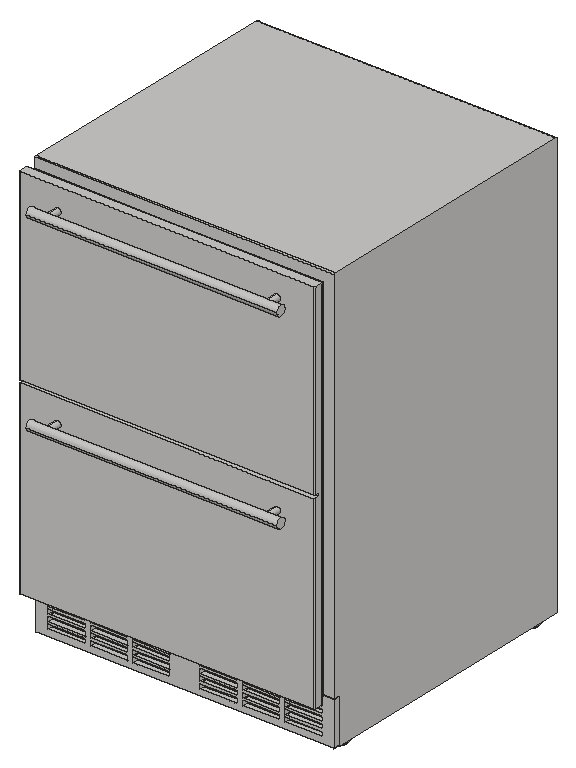
Revit family "Outdoor-Kitchen-Equipment_Kalamazoo_Dual-Zone-Cold-Cabinets_Signature1", category Specialty Equipment, Revit 2018
Family settings
  Round Connector Dimension = Use Diameter
  Part Type = Normal
  OmniClass Number = 23.40.40.11.24
  OmniClass Title = Cold Cabinets
  Work Plane-Based = No
  Always vertical = Yes
  Cut with Voids When Loaded = No
  Shared = No
  Room Calculation Point = No
Parameters (values of type "K-HP24ZO-5")
  Width = 23 7/8"
  Weight (lb) = 215.00 lbf
  Voltage = 120 V
  URL = "https://kalamazoogourmet.com/products/signature-24-inch-outdoor-refrigerator-freezer-dra/"
  Total Cooling Capacity = 995.0 Btu/h
  Right Hinge [instance] = not(Left Hinge)  # no
  RHD [instance] = and(not([IS-5]), Left Hinge)  # no
  Product data url = "https://www.bimobject.com/en-us/kalamazoogourmet/product/signature-dual-zone-refrigerator"
  Product Material = Kalamazoo - Stainless Steel - 304 OR 316L
  Power Factor = 0.8
  Number of Poles = 3
  Model = "K-HP24ZO-5"
  Manufacturer = "Kalamazoo Outdoor Gourmet"  # constant formula
  Left Hinge [instance] = yes
  LHD [instance] = and(not([IS-5]), Right Hinge)  # no
  Keynote = "11400"
  IS-3 = no
  Height = 34 3/8"  # constant formula
  GLASS = if([IS-3], 1/4", 0")  # 0"
  Frequency = 60 Hz  # constant formula
  Description = "Signature 24-inch Outdoor Refrigerator / Freezer Drawers"
  Depth = 23 7/8"  # constant formula
  IS-5 = yes
  DRAWER = if([IS-5], 1/2", 0")  # 1/2"
  Current = 2.3 A
  Assembly Code = "E1090300"
  Apparent Load = (Current * Voltage)  # 276 VA
Reference planes (in)
  plane 1 "Center (Front/Back)": y = 0
  plane 2: z = 0
  plane 3 "Center (Left/Right)": x = 0
  plane 4: x = -11.9375
  plane 5: x = 11.9375
  plane 6: x = -11.4925
  plane 7: x = -11.04687
  plane 8: x = 11.04688
  plane 9: x = 10.90854
  plane 10: z = 34.375
  plane 11: y = -23.875
  plane 12: x = -10.91045
  plane 13: x = 11.4925
  plane 14: x = -7.2425
  plane 15: x = -5.6175
  plane 16: x = 11.7425
  plane 17: x = 10.1175
  plane 18: y = -24.03564
  plane 19: y = -24.03564
  plane 20: x = -8.7505
  plane 21: x = 8.7505
  plane 22: y = -23.53564
Forms (in)
  Extrusion 1, solid, material "Kalamazoo - Stainless Steel - 304 OR 316L" <- "Product Material"
    sketch origin (0, 0, 0) x (0, 1, 0) y (0, 0, 1)
      loop
        arc (-22.075, 34.375) -> (-22.1351, 34.3501) -> (-22.16, 34.29) r 0.085
        line (-22.16, 34.29) -> (-22.16, 4) -> (-21.625, 4) -> (-21.625, 0.375) -> (-0.035, 0.375) -> (-0.035, 7.8575) -> (-0.035, 34.29)
        arc (-0.035, 34.29) -> (-0.0599, 34.3501) -> (-0.12, 34.375) r 0.085
        line (-0.12, 34.375) -> (-22.075, 34.375)
    from -11.9375 to 11.9375
  Extrusion 2, solid, material "Kalamazoo - Stainless Steel - 304 OR 316L" <- "Product Material", visible <- "RHD"
    sketch origin (0, 0, 0) x (0, 1, 0) y (0, 0, 1)
      loop
        arc (-22.16, 34.105) -> (-22.23908, 34.29592) -> (-22.43, 34.375) r 0.27
        line (-22.43, 34.375) -> (-23.92652, 34.375) -> (-23.92652, 34.24) -> (-22.43, 34.24)
        arc (-22.43, 34.24) -> (-22.33454, 34.20046) -> (-22.295, 34.105) r 0.135
        line (-22.295, 34.105) -> (-22.295, 33.579) -> (-22.295, 33.454) -> (-22.295, 33.329) -> (-22.295, 31.322) -> (-22.295, 31.197) -> (-22.16, 31.197) -> (-22.16, 34.105)
      loop
        line (-22.43, 3.4885) -> (-24.069, 3.4885) -> (-24.069, 3.3535) -> (-22.43, 3.3535)
        arc (-22.43, 3.3535) -> (-22.23914, 3.43253) -> (-22.16, 3.62334) r 0.27
        line (-22.16, 3.62334) -> (-22.16, 6.281) -> (-22.295, 6.281) -> (-22.295, 3.6235)
        arc (-22.295, 3.6235) -> (-22.33454, 3.52804) -> (-22.43, 3.4885) r 0.135
    from -11.7425 to -10.1175
  Extrusion 3, solid, material "Kalamazoo - Stainless Steel - 304 OR 316L" <- "Product Material", detail levels fine
    sketch origin (0, 0, 0) x (1, 0, 0) y (0, 1, 0)
      loop
        spline (11.46847, -22.80958) -> (11.4705, -22.80047) -> (11.47109, -22.79116) -> (11.47024, -22.78187) -> (11.46795, -22.77282) -> (11.46429, -22.76424) -> (11.45934, -22.75633) -> (11.45323, -22.74928) -> (11.44609, -22.74326) -> (11.43811, -22.73843) -> (11.42948, -22.73488) -> (11.4204, -22.73273) -> (11.41109, -22.732)
        line (11.41109, -22.732) -> (0, -22.732) -> (-11.46847, -22.732) -> (-11.46847, -23.217) -> (11.46847, -23.217) -> (11.46847, -22.80958)
    from 4.25097 to 33.85271
  Extrusion 4, solid, material "Kalamazoo - Stainless Steel - 304 OR 316L" <- "Product Material"
    sketch origin (0, 0, 0) x (1, 0, 0) y (0, 1, 0)
      loop
        spline (-11.7132, -23.217) -> (-11.72236, -23.21757) -> (-11.73137, -23.21933) -> (-11.74006, -23.22226) -> (-11.7483, -23.2263) -> (-11.75594, -23.23138) -> (-11.76286, -23.23742) -> (-11.76892, -23.24431) -> (-11.77402, -23.25193) -> (-11.77809, -23.26016) -> (-11.78105, -23.26884) -> (-11.78284, -23.27784) -> (-11.78344, -23.287)
        line (-11.78344, -23.287) -> (-11.78344, -23.862)
        spline (-11.78344, -23.862) -> (-11.78284, -23.87116) -> (-11.78105, -23.88016) -> (-11.77809, -23.88884) -> (-11.77402, -23.89707) -> (-11.76892, -23.90469) -> (-11.76286, -23.91158) -> (-11.75594, -23.91762) -> (-11.7483, -23.9227) -> (-11.74006, -23.92674) -> (-11.73137, -23.92967) -> (-11.72236, -23.93143) -> (-11.7132, -23.932)
        line (-11.7132, -23.932) -> (11.71345, -23.932)
        spline (11.71345, -23.932) -> (11.72258, -23.9314) -> (11.73156, -23.92962) -> (11.74023, -23.92667) -> (11.74844, -23.92262) -> (11.75606, -23.91754) -> (11.76294, -23.9115) -> (11.76898, -23.90461) -> (11.77407, -23.897) -> (11.77811, -23.88879) -> (11.78106, -23.88012) -> (11.78284, -23.87114) -> (11.78344, -23.862)
        line (11.78344, -23.862) -> (11.78344, -23.287)
        spline (11.78344, -23.287) -> (11.78285, -23.27788) -> (11.78107, -23.26892) -> (11.77814, -23.26027) -> (11.77411, -23.25207) -> (11.76904, -23.24447) -> (11.76303, -23.23759) -> (11.75617, -23.23155) -> (11.74858, -23.22646) -> (11.7404, -23.2224) -> (11.73176, -23.21944) -> (11.7228, -23.21763) -> (11.71369, -23.217)
        line (11.71369, -23.217) -> (11.46847, -23.217) -> (-11.7132, -23.217)
    from 3.9793 to 34.12516
  Revolve 5, solid, material "Kalamazoo - Stainless Steel - 304 OR 316L" <- "Product Material", visible <- "RHD", detail levels fine
    sketch origin (-11.4925, -23.56, 48) x (0, 1, 0) y (0, 0, 1)
      loop
        line (0.03, -13.87484) -> (0.03, -13.76) -> (-0.095, -13.76) -> (-0.095, -13.87484) -> (0.03, -13.87484)
      loop
        line (0.02, -13.625) -> (-0.01121, -13.59378) -> (-0.095, -13.59378) -> (-0.095, -13.625) -> (0.02, -13.625)
      loop
        line (-0.095, -44.02069) -> (-0.095, -44.5115) -> (0.311, -44.5115) -> (0.311, -44.02069) -> (-0.095, -44.02069)
      loop
        line (-0.095, -44.6465) -> (-0.095, -44.81263)
        arc (-0.095, -44.81263) -> (0.0632, -44.7928) -> (0.2075, -44.725) r 0.50895
        line (0.2075, -44.725) -> (0.2075, -44.6465) -> (-0.095, -44.6465)
      axis (-0.095, -44.81263) -> (-0.095, -13.59378)
    angle from 0 to 360
  Revolve 6, solid, material "Kalamazoo - Stainless Steel - 304 OR 316L" <- "Product Material"
    sketch origin (-11.04687, -17.73095, 48) x (0, 1, 0) y (0, 0, 1)
      loop
        line (-2.11212, -47.625) -> (-2.85905, -47.625) -> (-2.85905, -48) -> (-2.23314, -48) -> (-2.23314, -47.875)
        arc (-2.23314, -47.875) -> (-2.14475, -47.83839) -> (-2.10814, -47.75) r 0.125
        line (-2.10814, -47.75) -> (-2.11212, -47.625)
      axis (-2.85905, -47.625) -> (-2.85905, -48)
    angle from 0 to 360
  Revolve 7, solid, material "Kalamazoo - Stainless Steel - 304 OR 316L" <- "Product Material"
    sketch origin (-11.04687, -17.73095, 48) x (0, 1, 0) y (0, 0, 1)
      loop
        line (16.9343, -47.625) -> (16.18737, -47.625) -> (16.18737, -48) -> (16.81329, -48) -> (16.81329, -47.875)
        arc (16.81329, -47.875) -> (16.90167, -47.83839) -> (16.93829, -47.75) r 0.125
        line (16.93829, -47.75) -> (16.9343, -47.625)
      axis (16.18737, -47.625) -> (16.18737, -48)
    angle from 0 to 360
  Revolve 8, solid, material "Kalamazoo - Stainless Steel - 304 OR 316L" <- "Product Material"
    sketch origin (11.04688, -17.73095, 48) x (0, 1, 0) y (0, 0, 1)
      loop
        line (-2.11212, -47.625) -> (-2.85905, -47.625) -> (-2.85905, -48) -> (-2.23314, -48) -> (-2.23314, -47.875)
        arc (-2.23314, -47.875) -> (-2.14475, -47.83839) -> (-2.10814, -47.75) r 0.125
        line (-2.10814, -47.75) -> (-2.11212, -47.625)
      axis (-2.85905, -47.625) -> (-2.85905, -48)
    angle from 0 to 360
  Revolve 9, solid, material "Kalamazoo - Stainless Steel - 304 OR 316L" <- "Product Material"
    sketch origin (11.04688, -17.73095, 48) x (0, 1, 0) y (0, 0, 1)
      loop
        line (16.9343, -47.625) -> (16.18737, -47.625) -> (16.18737, -48) -> (16.81329, -48) -> (16.81329, -47.875)
        arc (16.81329, -47.875) -> (16.90167, -47.83839) -> (16.93829, -47.75) r 0.125
        line (16.93829, -47.75) -> (16.9343, -47.625)
      axis (16.18737, -47.625) -> (16.18737, -48)
    angle from 0 to 360
  Revolve 10, solid, material "Kalamazoo - Stainless Steel - 304 OR 316L" <- "Product Material", visible <- "RHD", detail levels fine
    sketch origin (10.90854, -24.7445, 48) x (0, 1, 0) y (0, 0, 1)
      loop
        line (0.8125, -16.49334) -> (-0.10258, -16.49334) -> (-0.10258, -16.74389) -> (0.8125, -16.74389) -> (0.8125, -16.49334)
      axis (0.8125, -16.74389) -> (-0.10258, -16.74389)
    angle from 0 to 360
  Revolve 11, solid, material "Kalamazoo - Stainless Steel - 304 OR 316L" <- "Product Material", visible <- "RHD", detail levels fine
    sketch origin (10.90854, -24.7445, 23.591) x (0, 1, 0) y (0, 0, 1)
      loop
        line (0.8125, -16.49334) -> (-0.10258, -16.49334) -> (-0.10258, -16.74389) -> (0.8125, -16.74389) -> (0.8125, -16.49334)
      axis (0.8125, -16.74389) -> (-0.10258, -16.74389)
    angle from 0 to 360
  Extrusion 12, solid, material "Kalamazoo - Stainless Steel - 304 OR 316L" <- "Product Material", visible <- "RHD", detail levels fine
    sketch origin (0, 0, 0) x (1, 0, 0) y (0, 1, 0)
      loop
        circle (10.90854, -25.1195) r 0.375
    from 5.05216 to 33.0522
  Extrusion 13, solid, material "Kalamazoo - Stainless Steel - 304 OR 316L" <- "Product Material"
    sketch origin (0, 0, 0) x (1, 0, 0) y (0, 1, 0)
      loop
        line (11.805, -0.035) -> (11.805, 0) -> (-11.8675, 0) -> (-11.8675, -0.035) -> (11.805, -0.035)
    from 0.435 to 7.98562
  Extrusion 14, solid, material "Kalamazoo - Stainless Steel - 304 OR 316L" <- "Product Material", detail levels fine
    sketch origin (0, 0, 0) x (1, 0, 0) y (0, 0, 1)
      loop
        circle (0, 3.385) r 0.1225
    from 21.625 to 22.222
  Sweep 15, solid, material "Kalamazoo - Stainless Steel - 304 OR 316L" <- "Product Material", detail levels fine
    path origin (0, 0, 0) x (0, 1, 0) y (0, 0, 1)
      loop
        line (-21.735, 2.1875) -> (-22.145, 2.1875)
    profile origin (0, -21.94, 2.1875) x (0, 0, -1) y (1, 0, 0)
      loop
        line (-1.7175, 11.90179) -> (-1.7175, 0.37517) -> (-1.7175, -11.90179) -> (1.73588, -11.90179)
        arc (1.73588, -11.90179) -> (1.7657, -11.88476) -> (1.7775, -11.8525) r 0.05
        line (1.7775, -11.8525) -> (1.7775, 0) -> (1.7775, 11.8525)
        arc (1.7775, 11.8525) -> (1.7657, 11.88476) -> (1.73588, 11.90179) r 0.05
        line (1.73588, 11.90179) -> (-1.7175, 11.90179)
      loop
        line (-1.30263, -8.03166) -> (-1.30263, -10.84308)
        arc (-1.30263, -10.84308) -> (-1.27524, -10.90983) -> (-1.20862, -10.93751) r 0.09401
        line (-1.20862, -10.93751) -> (-0.88239, -10.93751) -> (-0.88239, -7.9376) -> (-1.20846, -7.9376)
        arc (-1.20846, -7.9376) -> (-1.27504, -7.96511) -> (-1.30263, -8.03166) r 0.09406
      loop
        line (-0.76262, -8.03158) -> (-0.76262, -10.84329)
        arc (-0.76262, -10.84329) -> (-0.73516, -10.9099) -> (-0.66861, -10.9375) r 0.09401
        line (-0.66861, -10.9375) -> (-0.3424, -10.9375) -> (-0.3424, -7.93755) -> (-0.66873, -7.93755)
        arc (-0.66873, -7.93755) -> (-0.73513, -7.96514) -> (-0.76262, -8.03158) r 0.09403
      loop
        line (-0.22261, -8.0315) -> (-0.22261, -10.8435)
        arc (-0.22261, -10.8435) -> (-0.19507, -10.90997) -> (-0.12861, -10.9375) r 0.094
        line (-0.12861, -10.9375) -> (0.19761, -10.9375) -> (0.19761, -7.9375) -> (-0.12874, -7.9375)
        arc (-0.12874, -7.9375) -> (-0.19512, -7.96508) -> (-0.22261, -8.0315) r 0.094
      loop
        line (0.31739, -8.0315) -> (0.31739, -10.8435)
        arc (0.31739, -10.8435) -> (0.34493, -10.90997) -> (0.41139, -10.9375) r 0.094
        line (0.41139, -10.9375) -> (0.73761, -10.9375) -> (0.73761, -7.9375) -> (0.41153, -7.9375)
        arc (0.41153, -7.9375) -> (0.34497, -7.96499) -> (0.31739, -8.0315) r 0.094
      loop
        line (0.85738, -8.03162) -> (0.85738, -10.84319)
        arc (0.85738, -10.84319) -> (0.8848, -10.90986) -> (0.95139, -10.93751) r 0.09401
        line (0.95139, -10.93751) -> (1.27761, -10.93751) -> (1.27761, -7.93757) -> (0.95127, -7.93757)
        arc (0.95127, -7.93757) -> (0.88487, -7.96517) -> (0.85738, -8.03162) r 0.09404
      loop
        line (-1.30263, -4.65666) -> (-1.30263, -7.46891)
        arc (-1.30263, -7.46891) -> (-1.27495, -7.53512) -> (-1.20862, -7.56251) r 0.09401
        line (-1.20862, -7.56251) -> (-0.88239, -7.56251) -> (-0.88239, -4.5626) -> (-1.20854, -4.5626)
        arc (-1.20854, -4.5626) -> (-1.27507, -4.59014) -> (-1.30263, -4.65666) r 0.09406
      loop
        line (-0.76262, -4.65658) -> (-0.76262, -7.4687)
        arc (-0.76262, -7.4687) -> (-0.73501, -7.53504) -> (-0.66861, -7.5625) r 0.09401
        line (-0.66861, -7.5625) -> (-0.3424, -7.5625) -> (-0.3424, -4.56255) -> (-0.66865, -4.56255)
        arc (-0.66865, -4.56255) -> (-0.7351, -4.59011) -> (-0.76262, -4.65658) r 0.09403
      loop
        line (-0.22261, -4.6565) -> (-0.22261, -7.4685)
        arc (-0.22261, -7.4685) -> (-0.19507, -7.53497) -> (-0.12861, -7.5625) r 0.094
        line (-0.12861, -7.5625) -> (0.19761, -7.5625) -> (0.19761, -4.5625) -> (-0.12866, -4.5625)
        arc (-0.12866, -4.5625) -> (-0.19509, -4.59005) -> (-0.22261, -4.6565) r 0.094
      loop
        line (0.31739, -4.6565) -> (0.31739, -7.4685)
        arc (0.31739, -7.4685) -> (0.34493, -7.53497) -> (0.41139, -7.5625) r 0.094
        line (0.41139, -7.5625) -> (0.73761, -7.5625) -> (0.73761, -4.5625) -> (0.41144, -4.5625)
        arc (0.41144, -4.5625) -> (0.34494, -4.59001) -> (0.31739, -4.6565) r 0.094
      loop
        line (0.85738, -4.65662) -> (0.85738, -7.4688)
        arc (0.85738, -7.4688) -> (0.88502, -7.53508) -> (0.95139, -7.56251) r 0.09401
        line (0.95139, -7.56251) -> (1.27761, -7.56251) -> (1.27761, -4.56257) -> (0.95136, -4.56257)
        arc (0.95136, -4.56257) -> (0.8849, -4.59014) -> (0.85738, -4.65662) r 0.09404
      loop
        line (-1.30262, -1.28166) -> (-1.30262, -4.09391)
        arc (-1.30262, -4.09391) -> (-1.27493, -4.16012) -> (-1.20859, -4.18752) r 0.09403
        line (-1.20859, -4.18752) -> (-0.88239, -4.18752) -> (-0.88239, -1.18761) -> (-1.20859, -1.18761)
        arc (-1.20859, -1.18761) -> (-1.27508, -1.21516) -> (-1.30262, -1.28166) r 0.09405
      loop
        line (-0.76261, -1.28158) -> (-0.76261, -4.0937)
        arc (-0.76261, -4.0937) -> (-0.73499, -4.16005) -> (-0.66859, -4.18751) r 0.09402
        line (-0.66859, -4.18751) -> (-0.3424, -4.18751) -> (-0.3424, -1.18755) -> (-0.66859, -1.18755)
        arc (-0.66859, -1.18755) -> (-0.73507, -1.2151) -> (-0.76261, -1.28158) r 0.09402
      loop
        line (-0.22259, -1.2815) -> (-0.22259, -4.0935)
        arc (-0.22259, -4.0935) -> (-0.19506, -4.15997) -> (-0.12858, -4.18751) r 0.09401
        line (-0.12858, -4.18751) -> (0.19761, -4.18751) -> (0.19761, -1.1875) -> (-0.1286, -1.1875)
        arc (-0.1286, -1.1875) -> (-0.19506, -1.21504) -> (-0.22259, -1.2815) r 0.09399
      loop
        line (0.31741, -1.2815) -> (0.31741, -4.0935)
        arc (0.31741, -4.0935) -> (0.34494, -4.15997) -> (0.41142, -4.18751) r 0.09401
        line (0.41142, -4.18751) -> (0.73761, -4.18751) -> (0.73761, -1.1875) -> (0.4114, -1.1875)
        arc (0.4114, -1.1875) -> (0.34493, -1.21504) -> (0.31741, -1.2815) r 0.09399
      loop
        line (0.85739, -1.28161) -> (0.85739, -4.0938)
        arc (0.85739, -4.0938) -> (0.88504, -4.16009) -> (0.95141, -4.18751) r 0.09402
        line (0.95141, -4.18751) -> (1.27761, -4.18751) -> (1.27761, -1.18758) -> (0.95141, -1.18758)
        arc (0.95141, -1.18758) -> (0.88493, -1.21513) -> (0.85739, -1.28161) r 0.09404
      loop
        arc (-1.30263, 8.03166) -> (-1.27504, 7.96511) -> (-1.20846, 7.9376) r 0.09406
        line (-1.20846, 7.9376) -> (-0.88239, 7.9376) -> (-0.88239, 10.93751) -> (-1.20862, 10.93751)
        arc (-1.20862, 10.93751) -> (-1.27524, 10.90983) -> (-1.30263, 10.84308) r 0.09401
        line (-1.30263, 10.84308) -> (-1.30263, 8.03166)
      loop
        arc (-0.76262, 8.03158) -> (-0.73513, 7.96514) -> (-0.66873, 7.93755) r 0.09403
        line (-0.66873, 7.93755) -> (-0.3424, 7.93755) -> (-0.3424, 10.9375) -> (-0.66861, 10.9375)
        arc (-0.66861, 10.9375) -> (-0.73516, 10.9099) -> (-0.76262, 10.84329) r 0.09401
        line (-0.76262, 10.84329) -> (-0.76262, 8.03158)
      loop
        arc (-0.22261, 8.0315) -> (-0.19512, 7.96508) -> (-0.12874, 7.9375) r 0.094
        line (-0.12874, 7.9375) -> (0.19761, 7.9375) -> (0.19761, 10.9375) -> (-0.12861, 10.9375)
        arc (-0.12861, 10.9375) -> (-0.19507, 10.90997) -> (-0.22261, 10.8435) r 0.094
        line (-0.22261, 10.8435) -> (-0.22261, 8.0315)
      loop
        arc (0.31739, 8.0315) -> (0.34497, 7.96499) -> (0.41153, 7.9375) r 0.094
        line (0.41153, 7.9375) -> (0.73761, 7.9375) -> (0.73761, 10.9375) -> (0.41139, 10.9375)
        arc (0.41139, 10.9375) -> (0.34493, 10.90997) -> (0.31739, 10.8435) r 0.094
        line (0.31739, 10.8435) -> (0.31739, 8.0315)
      loop
        arc (0.85738, 8.03162) -> (0.88487, 7.96517) -> (0.95127, 7.93757) r 0.09404
        line (0.95127, 7.93757) -> (1.27761, 7.93757) -> (1.27761, 10.93751) -> (0.95139, 10.93751)
        arc (0.95139, 10.93751) -> (0.8848, 10.90986) -> (0.85738, 10.84319) r 0.09401
        line (0.85738, 10.84319) -> (0.85738, 8.03162)
      loop
        arc (-1.30263, 4.65666) -> (-1.27508, 4.59015) -> (-1.20857, 4.5626) r 0.09406
        line (-1.20857, 4.5626) -> (-0.88239, 4.5626) -> (-0.88239, 7.56251) -> (-1.20862, 7.56251)
        arc (-1.20862, 7.56251) -> (-1.27495, 7.53512) -> (-1.30263, 7.46891) r 0.09401
        line (-1.30263, 7.46891) -> (-1.30263, 4.65666)
      loop
        arc (-0.76262, 4.65658) -> (-0.7351, 4.59011) -> (-0.66865, 4.56255) r 0.09403
        line (-0.66865, 4.56255) -> (-0.3424, 4.56255) -> (-0.3424, 7.5625) -> (-0.66861, 7.5625)
        arc (-0.66861, 7.5625) -> (-0.73501, 7.53504) -> (-0.76262, 7.4687) r 0.09401
        line (-0.76262, 7.4687) -> (-0.76262, 4.65658)
      loop
        arc (-0.22261, 4.6565) -> (-0.19509, 4.59005) -> (-0.12866, 4.5625) r 0.094
        line (-0.12866, 4.5625) -> (0.19761, 4.5625) -> (0.19761, 7.5625) -> (-0.12861, 7.5625)
        arc (-0.12861, 7.5625) -> (-0.19507, 7.53497) -> (-0.22261, 7.4685) r 0.094
        line (-0.22261, 7.4685) -> (-0.22261, 4.6565)
      loop
        arc (0.31739, 4.6565) -> (0.34494, 4.59001) -> (0.41144, 4.5625) r 0.094
        line (0.41144, 4.5625) -> (0.73761, 4.5625) -> (0.73761, 7.5625) -> (0.41139, 7.5625)
        arc (0.41139, 7.5625) -> (0.34493, 7.53497) -> (0.31739, 7.4685) r 0.094
        line (0.31739, 7.4685) -> (0.31739, 4.6565)
      loop
        arc (0.85738, 4.65662) -> (0.8849, 4.59014) -> (0.95136, 4.56257) r 0.09404
        line (0.95136, 4.56257) -> (1.27761, 4.56257) -> (1.27761, 7.56251) -> (0.95139, 7.56251)
        arc (0.95139, 7.56251) -> (0.88502, 7.53508) -> (0.85738, 7.4688) r 0.09401
        line (0.85738, 7.4688) -> (0.85738, 4.65662)
      loop
        arc (-1.30262, 1.28166) -> (-1.27507, 1.21515) -> (-1.20857, 1.18761) r 0.09405
        line (-1.20857, 1.18761) -> (-0.88239, 1.18761) -> (-0.88239, 4.18752) -> (-1.20859, 4.18752)
        arc (-1.20859, 4.18752) -> (-1.27493, 4.16012) -> (-1.30262, 4.09391) r 0.09403
        line (-1.30262, 4.09391) -> (-1.30262, 1.28166)
      loop
        arc (-0.76261, 1.28158) -> (-0.73507, 1.21509) -> (-0.66858, 1.18755) r 0.09402
        line (-0.66858, 1.18755) -> (-0.3424, 1.18755) -> (-0.3424, 4.18751) -> (-0.66859, 4.18751)
        arc (-0.66859, 4.18751) -> (-0.73499, 4.16005) -> (-0.76261, 4.0937) r 0.09402
        line (-0.76261, 4.0937) -> (-0.76261, 1.28158)
      loop
        arc (-0.22259, 1.2815) -> (-0.19506, 1.21503) -> (-0.1286, 1.1875) r 0.09399
        line (-0.1286, 1.1875) -> (0.19761, 1.1875) -> (0.19761, 4.18751) -> (-0.12858, 4.18751)
        arc (-0.12858, 4.18751) -> (-0.19506, 4.15997) -> (-0.22259, 4.09349) r 0.09401
        line (-0.22259, 4.09349) -> (-0.22259, 1.2815)
      loop
        arc (0.31741, 1.2815) -> (0.34494, 1.21503) -> (0.4114, 1.1875) r 0.09399
        line (0.4114, 1.1875) -> (0.73761, 1.1875) -> (0.73761, 4.18751) -> (0.41142, 4.18751)
        arc (0.41142, 4.18751) -> (0.34494, 4.15997) -> (0.31741, 4.09349) r 0.09401
        line (0.31741, 4.09349) -> (0.31741, 1.2815)
      loop
        arc (0.85739, 1.28161) -> (0.88493, 1.21512) -> (0.95142, 1.18758) r 0.09404
        line (0.95142, 1.18758) -> (1.27761, 1.18758) -> (1.27761, 4.18751) -> (0.95141, 4.18751)
        arc (0.95141, 4.18751) -> (0.88504, 4.16009) -> (0.85739, 4.0938) r 0.09402
        line (0.85739, 4.0938) -> (0.85739, 1.28161)
  Sweep 16, solid, material "Kalamazoo - Stainless Steel - 304 OR 316L" <- "Product Material", detail levels coarse+medium
    path origin (0, 0, 0) x (0, 1, 0) y (0, 0, 1)
      loop
        line (-21.735, 2.1875) -> (-22.145, 2.1875)
    profile origin (0, -21.94, 2.1875) x (0, 0, -1) y (1, 0, 0)
      loop
        line (-1.7175, 11.90179) -> (-1.7175, 0.37517) -> (-1.7175, -11.90179) -> (1.73588, -11.90179)
        arc (1.73588, -11.90179) -> (1.7657, -11.88476) -> (1.7775, -11.8525) r 0.05
        line (1.7775, -11.8525) -> (1.7775, 0) -> (1.7775, 11.8525)
        arc (1.7775, 11.8525) -> (1.7657, 11.88476) -> (1.73588, 11.90179) r 0.05
        line (1.73588, 11.90179) -> (-1.7175, 11.90179)
  Extrusion 17, solid, material "Kalamazoo - Stainless Steel - 304 OR 316L" <- "Product Material", visible <- "LHD"
    sketch origin (0, 0, 0) x (0, 1, 0) y (0, 0, 1)
      loop
        arc (-22.16, 34.105) -> (-22.23908, 34.29592) -> (-22.43, 34.375) r 0.27
        line (-22.43, 34.375) -> (-23.92652, 34.375) -> (-23.92652, 34.24) -> (-22.43, 34.24)
        arc (-22.43, 34.24) -> (-22.33454, 34.20046) -> (-22.295, 34.105) r 0.135
        line (-22.295, 34.105) -> (-22.295, 33.579) -> (-22.295, 33.454) -> (-22.295, 33.329) -> (-22.295, 31.322) -> (-22.295, 31.197) -> (-22.16, 31.197) -> (-22.16, 34.105)
      loop
        line (-22.43, 3.4885) -> (-24.069, 3.4885) -> (-24.069, 3.3535) -> (-22.43, 3.3535)
        arc (-22.43, 3.3535) -> (-22.23914, 3.43253) -> (-22.16, 3.62334) r 0.27
        line (-22.16, 3.62334) -> (-22.16, 6.281) -> (-22.295, 6.281) -> (-22.295, 3.6235)
        arc (-22.295, 3.6235) -> (-22.33454, 3.52804) -> (-22.43, 3.4885) r 0.135
    from 11.7425 to 10.1175
  Revolve 18, solid, material "Kalamazoo - Stainless Steel - 304 OR 316L" <- "Product Material", visible <- "LHD", detail levels fine
    sketch origin (11.4925, -23.56, 48) x (0, 1, 0) y (0, 0, 1)
      loop
        line (0.03, -13.87484) -> (0.03, -13.76) -> (-0.095, -13.76) -> (-0.095, -13.87484) -> (0.03, -13.87484)
      loop
        line (0.02, -13.625) -> (-0.01121, -13.59378) -> (-0.095, -13.59378) -> (-0.095, -13.625) -> (0.02, -13.625)
      loop
        line (-0.095, -44.02069) -> (-0.095, -44.5115) -> (0.311, -44.5115) -> (0.311, -44.02069) -> (-0.095, -44.02069)
      loop
        line (-0.095, -44.6465) -> (-0.095, -44.81263)
        arc (-0.095, -44.81263) -> (0.0632, -44.7928) -> (0.2075, -44.725) r 0.50895
        line (0.2075, -44.725) -> (0.2075, -44.6465) -> (-0.095, -44.6465)
      axis (-0.095, -44.81263) -> (-0.095, -13.59378)
    angle from 0 to 360
  Revolve 19, solid, material "Kalamazoo - Stainless Steel - 304 OR 316L" <- "Product Material", visible <- "LHD", detail levels fine
    sketch origin (-10.91045, -24.7795, 48) x (0, 1, 0) y (0, 0, 1)
      loop
        line (0.8475, -16.49334) -> (-0.06758, -16.49334) -> (-0.06758, -16.74389) -> (0.8475, -16.74389) -> (0.8475, -16.49334)
      axis (0.8475, -16.74389) -> (-0.06758, -16.74389)
    angle from 0 to 360
  Extrusion 20, solid, material "Kalamazoo - Stainless Steel - 304 OR 316L" <- "Product Material", visible <- "LHD", detail levels fine
    sketch origin (-17.31899, -0.035, 0) x (1, 0, 0) y (0, 1, 0)
      loop
        circle (6.40854, -25.1195) r 0.375
    from 5.05216 to 33.0522
  Revolve 21, solid, material "Kalamazoo - Stainless Steel - 304 OR 316L" <- "Product Material", visible <- "LHD", detail levels fine
    sketch origin (-10.91045, -24.7795, 48) x (0, 1, 0) y (0, 0, 1)
      loop
        line (0.8475, -40.90234) -> (-0.06758, -40.90234) -> (-0.06758, -41.15289) -> (0.8475, -41.15289) -> (0.8475, -40.90234)
      axis (0.8475, -41.15289) -> (-0.06758, -41.15289)
    angle from 0 to 360
  Extrusion 22, solid, material "Kalamazoo - Stainless Steel - 304 OR 316L" <- "Product Material", detail levels coarse+medium
    sketch origin (0, 0, 0) x (1, 0, 0) y (0, 1, 0)
      loop
        spline (11.46847, -22.23758) -> (11.4705, -22.22847) -> (11.47109, -22.21916) -> (11.47024, -22.20987) -> (11.46795, -22.20082) -> (11.46429, -22.19224) -> (11.45934, -22.18433) -> (11.45323, -22.17728) -> (11.44609, -22.17126) -> (11.43811, -22.16643) -> (11.42948, -22.16288) -> (11.4204, -22.16073) -> (11.41109, -22.16)
        line (11.41109, -22.16) -> (0, -22.16) -> (-11.46847, -22.16) -> (-11.46847, -23.217) -> (11.46847, -23.217) -> (11.46847, -22.23758)
    from 4.25097 to 33.85271
  Extrusion 23, void
    sketch origin (0, 0, 0) x (1, 0, 0) y (0, 0, 1)
      loop
        line (-8.87006, 31.21178) -> (-8.87006, 6.89269) -> (8.87006, 6.89269) -> (8.87006, 31.21178) -> (-8.87006, 31.21178)
    from 24.03564 to 24.707
  Extrusion 24, solid, material "Kalamazoo - Stainless Steel - 304 OR 316L" <- "Product Material", visible <- "IS-5", detail levels fine
    sketch origin (-8.5, -23.92164, 47.96846) x (0, 1, 0) y (0, 0, 1)
      loop
        circle (-1.1875, -15.65215) r 0.375
      loop
        circle (-1.1875, -30.84465) r 0.375
    from -1.5 to 18.5
  Revolve 25, solid, material "Kalamazoo - Stainless Steel - 304 OR 316L" <- "Product Material", visible <- "IS-5", detail levels fine
    sketch origin (-8.7505, -23.92164, 48) x (0, 1, 0) y (0, 0, 1)
      loop
        line (0, -15.4337) -> (-0.92263, -15.4337) -> (-0.92263, -15.6837) -> (0, -15.6837) -> (0, -15.4337)
      axis (0, -15.6837) -> (-0.92263, -15.6837)
    angle from 0 to 360
  Revolve 26, solid, material "Kalamazoo - Stainless Steel - 304 OR 316L" <- "Product Material", visible <- "IS-5", detail levels fine
    sketch origin (-8.7505, -23.92164, 48) x (0, 1, 0) y (0, 0, 1)
      loop
        line (0, -30.62619) -> (-0.92263, -30.62619) -> (-0.92263, -30.87619) -> (0, -30.87619) -> (0, -30.62619)
      axis (0, -30.87619) -> (-0.92263, -30.87619)
    angle from 0 to 360
  Revolve 27, solid, material "Kalamazoo - Stainless Steel - 304 OR 316L" <- "Product Material", visible <- "IS-5", detail levels fine
    sketch origin (8.7505, -23.92164, 48) x (0, 1, 0) y (0, 0, 1)
      loop
        line (0, -15.4337) -> (-0.92263, -15.4337) -> (-0.92263, -15.6837) -> (0, -15.6837) -> (0, -15.4337)
      axis (0, -15.6837) -> (-0.92263, -15.6837)
    angle from 0 to 360
  Revolve 28, solid, material "Kalamazoo - Stainless Steel - 304 OR 316L" <- "Product Material", visible <- "IS-5", detail levels fine
    sketch origin (8.7505, -23.92164, 48) x (0, 1, 0) y (0, 0, 1)
      loop
        line (0, -30.62619) -> (-0.92263, -30.62619) -> (-0.92263, -30.87619) -> (0, -30.87619) -> (0, -30.62619)
      axis (0, -30.87619) -> (-0.92263, -30.87619)
    angle from 0 to 360
  Extrusion 29, void
    sketch origin (0, 0, 0) x (1, 0, 0) y (0, 0, 1)
      loop
        line (-11.9375, 19) -> (11.9375, 19) -> (11.9375, 19.25) -> (-11.9375, 19.25) -> (-11.9375, 19)
    from 23.53564 to 26.32067
Cuts and joins
  Extrusion 23, Extrusion 29 cuts Extrusion 4
  Extrusion 29 cuts Extrusion 3
Lines and regions (in)
  Masking region 1
    outline origin (0, -9.75763, 45.43725) x (0, 1, 0) y (-1, 0, 0)
      loop
        line (9.72263, 11.9375) -> (-12.40237, 11.9375) -> (-12.40237, -11.9375) -> (9.72263, -11.9375) -> (9.72263, 11.9375)
  Masking region 2
    outline origin (0, -9.75763, 45.43725) x (0, 1, 0) y (-1, 0, 0)
      loop
        line (9.75763, 11.8675) -> (9.72263, 11.8675) -> (9.72263, -11.805) -> (9.75763, -11.805) -> (9.75763, 11.8675)
  Masking region 3
    outline origin (0, -9.75763, 45.43725) x (0, 1, 0) y (-1, 0, 0)
      loop
        line (-13.45937, -11.46847) -> (-13.45937, 11.71345)
        spline (-13.45937, 11.71345) -> (-13.45997, 11.72258) -> (-13.46176, 11.73156) -> (-13.4647, 11.74023) -> (-13.46875, 11.74844) -> (-13.47384, 11.75606) -> (-13.47987, 11.76294) -> (-13.48676, 11.76898) -> (-13.49437, 11.77407) -> (-13.50258, 11.77811) -> (-13.51125, 11.78106) -> (-13.52023, 11.78284) -> (-13.52937, 11.78344)
        line (-13.52937, 11.78344) -> (-14.10437, 11.78344)
        spline (-14.10437, 11.78344) -> (-14.11351, 11.78284) -> (-14.12249, 11.78106) -> (-14.13116, 11.77811) -> (-14.13937, 11.77407) -> (-14.14698, 11.76898) -> (-14.15387, 11.76294) -> (-14.15991, 11.75606) -> (-14.16499, 11.74844) -> (-14.16904, 11.74023) -> (-14.17199, 11.73156) -> (-14.17377, 11.72258) -> (-14.17437, 11.71345)
        line (-14.17437, 11.71345) -> (-14.17437, -11.71345)
        spline (-14.17437, -11.71345) -> (-14.17377, -11.72258) -> (-14.17199, -11.73156) -> (-14.16904, -11.74023) -> (-14.16499, -11.74844) -> (-14.15991, -11.75606) -> (-14.15387, -11.76294) -> (-14.14698, -11.76898) -> (-14.13937, -11.77407) -> (-14.13116, -11.77811) -> (-14.12249, -11.78106) -> (-14.11351, -11.78284) -> (-14.10437, -11.78344)
        line (-14.10437, -11.78344) -> (-13.52937, -11.78344)
        spline (-13.52937, -11.78344) -> (-13.52025, -11.78285) -> (-13.51129, -11.78107) -> (-13.50264, -11.77814) -> (-13.49444, -11.77411) -> (-13.48684, -11.76904) -> (-13.47996, -11.76303) -> (-13.47392, -11.75617) -> (-13.46883, -11.74858) -> (-13.46477, -11.7404) -> (-13.46181, -11.73176) -> (-13.46, -11.7228) -> (-13.45937, -11.71369)
        line (-13.45937, -11.71369) -> (-13.45937, -11.46847)
  Masking region 4, detail levels fine
    outline origin (0, -9.75763, 45.43725) x (0, 1, 0) y (-1, 0, 0)
      loop
        line (-12.97437, 0) -> (-12.97437, 11.46847) -> (-13.45937, 11.46847) -> (-13.45937, -11.46847) -> (-13.05195, -11.46847)
        spline (-13.05195, -11.46847) -> (-13.04284, -11.4705) -> (-13.03353, -11.47109) -> (-13.02424, -11.47024) -> (-13.01519, -11.46795) -> (-13.00661, -11.46429) -> (-12.9987, -11.45934) -> (-12.99165, -11.45323) -> (-12.98563, -11.44609) -> (-12.9808, -11.43811) -> (-12.97726, -11.42948) -> (-12.9751, -11.4204) -> (-12.97437, -11.41109)
        line (-12.97437, -11.41109) -> (-12.97437, 0)
  Masking region 5, visible <- "RHD", detail levels fine
    outline origin (0, -9.75763, 45.43725) x (0, 1, 0) y (-1, 0, 0)
      loop
        line (-14.17437, -10.66006) -> (-15.09545, -10.66006) -> (-15.09545, -11.16006) -> (-14.17437, -11.16006) -> (-14.17437, -10.66006)
  Masking region 6, visible <- "RHD", detail levels fine
    outline origin (0, -9.75763, 45.43725) x (0, 1, 0) y (-1, 0, 0)
      loop
        circle (-15.36187, -10.90854) r 0.375
  Masking region 7, visible <- "LHD", detail levels fine
    outline origin (0, -9.75763, 45.43725) x (0, 1, 0) y (-1, 0, 0)
      loop
        line (-14.17437, 11.15605) -> (-15.13065, 11.15605) -> (-15.13065, 10.65605) -> (-14.17437, 10.65605) -> (-14.17437, 11.15605)
  Masking region 8, visible <- "LHD", detail levels fine
    outline origin (0, -9.75763, 45.43725) x (0, 1, 0) y (-1, 0, 0)
      loop
        circle (-15.39687, 10.91045) r 0.375
  Masking region 9, detail levels coarse+medium
    outline origin (0, -9.75763, 45.43725) x (0, 1, 0) y (-1, 0, 0)
      loop
        line (-12.40237, 0) -> (-12.40237, 11.46875) -> (-13.45937, 11.46875) -> (-13.45937, -11.46847) -> (-12.47995, -11.46847)
        spline (-12.47995, -11.46847) -> (-12.47084, -11.4705) -> (-12.46153, -11.47109) -> (-12.45224, -11.47024) -> (-12.44319, -11.46795) -> (-12.43461, -11.46429) -> (-12.4267, -11.45934) -> (-12.41965, -11.45323) -> (-12.41363, -11.44609) -> (-12.4088, -11.43811) -> (-12.40526, -11.42948) -> (-12.4031, -11.4204) -> (-12.40237, -11.41109)
        line (-12.40237, -11.41109) -> (-12.40237, 0)
  Masking region 10, visible <- "RHD", detail levels medium+fine
    outline origin (0, -9.75763, 45.43725) x (0, 1, 0) y (-1, 0, 0)
      loop
        line (-12.40237, 11.7425) -> (-14.31137, 11.7425) -> (-14.31137, 10.1175) -> (-12.40237, 10.1175) -> (-12.40237, 11.7425)
  Masking region 11, visible <- "RHD", detail levels fine
    outline origin (0, -9.75763, 45.43725) x (0, 1, 0) y (-1, 0, 0)
      loop
        circle (-13.89737, 11.4925) r 0.115
      loop
        circle (-13.89737, 11.4925) r 0.08378
  Masking region 12, visible <- "LHD"
    outline origin (0, -9.75763, 45.43725) x (0, 1, 0) y (-1, 0, 0)
      loop
        line (-14.31137, -10.11192) -> (-14.31137, -11.73692) -> (-12.40237, -11.73692) -> (-12.40237, -10.11192) -> (-14.31137, -10.11192)
  Masking region 13, visible <- "LHD", detail levels fine
    outline origin (0, -9.75763, 45.43725) x (0, 1, 0) y (-1, 0, 0)
      loop
        circle (-13.89737, -11.50272) r 0.115
      loop
        circle (-13.89737, -11.50272) r 0.08378
  Masking region 14, visible <- "IS-5", detail levels fine
    outline origin (0, -9.75763, 45.43725) x (0, 1, 0) y (-1, 0, 0)
      loop
        line (-14.97651, 10) -> (-15.72651, 10) -> (-15.72651, -10) -> (-14.97651, -10) -> (-14.97651, -9) -> (-14.17437, -9) -> (-14.17437, -8.5) -> (-14.97651, -8.5) -> (-14.97651, 8.5) -> (-14.17437, 8.5) -> (-14.17437, 9) -> (-14.97651, 9) -> (-14.97651, 10)
  symbolic lines, visible <- "IS-5", detail levels fine
    curve 1: line (-10, -24.73414, 45.43725) -> (10, -24.73414, 45.43725)
Dimensions and locks (in)
  locked: plane 4 to Extrusion 3 sketch curve at 0.46903
  locked: Extrusion 3 sketch curve to plane 5 at 0.46903
  locked: Extrusion 4 sketch curve to plane 5 at 0.15406
  locked: plane 4 to Extrusion 4 sketch curve at 0.15406
  locked: plane 4 to plane 7 at 0.89062
  locked: plane 8 to plane 5 at 0.89062
  equal spacing: plane 4, plane 3 "Center (Left/Right)", plane 5
  "Width": plane 4 to plane 5
  locked: plane 4 to Extrusion 13 sketch curve at 0.07
  locked: Extrusion 13 sketch curve to plane 5 at 0.1325
  locked: plane 4 to Masking region 2 sketch curve at 0.07
  locked: Masking region 2 sketch curve to plane 5 at 0.1325
  locked: plane 4 to Masking region 3 sketch curve at 0.15406
  locked: Masking region 3 sketch curve to plane 5 at 0.15406
  locked: Masking region 4 sketch curve to plane 5 at 0.46903
  locked: plane 4 to Masking region 4 sketch curve at 0.46903
  locked: Masking region 3 sketch curve to Masking region 3 sketch curve at 0.715
  locked: plane 4 to Masking region 9 sketch curve at 0.46875
  locked: Masking region 12 sketch curve to Masking region 12 sketch curve at 1.625
  "Height": level to plane 10
  "Depth": plane 11 to plane 1 "Center (Front/Back)"
  locked: plane 4 to plane 12 at 1.02705
  locked: plane 5 to plane 13 at 0.445
  Extrusion 2 to Extrusion 2 to plane 4 = 1 5/8" locked, 0.195" locked
  plane 5 to plane 16 to plane 17 = 0.195" locked, 1 5/8" locked
  locked: plane 6 to plane 4 at 0.445
  locked: plane 5 to plane 9 at 1.02896
  plane 10 to level = 34 3/8"
  locked: plane 5 to Extrusion 23 sketch curve at 3.06744
  locked: Extrusion 23 sketch curve to plane 4 at 3.06744
  locked: plane 10 to Extrusion 23 sketch curve at 3.16322
  locked: Extrusion 23 sketch curve to level at 6.89269
  "GLASS": plane 18 to plane 19
  locked: plane 1 "Center (Front/Back)" to plane 19 at 24.03564
  locked: plane 4 to plane 20 at 3.187
  locked: plane 21 to plane 5 at 3.187
  locked: plane 4 to Extrusion 24 at 1.9375
  locked: Extrusion 24 to plane 5 at 1.9375
  plane 4 to Masking region 14 sketch curve to Masking region 14 sketch curve = 2 15/16" locked, 1/2" locked
  Masking region 14 sketch curve to Masking region 14 sketch curve to plane 5 = 1/2" locked, 2 15/16" locked
  locked: Extrusion 29 sketch curve to level at 19
  locked: Extrusion 29 sketch curve to Extrusion 29 sketch curve at 0.25
  "DRAWER": plane 22 to plane 19
  aligned and locked: plane 2 to level
  aligned and locked: Extrusion 1 to plane 4
  aligned and locked: plane 5 to Extrusion 1
  aligned and locked: plane 4 to Masking region 1 sketch curve
  aligned and locked: Masking region 1 sketch curve to plane 5
  aligned and locked: Extrusion 1 sketch curve to plane 10
  aligned and locked: plane 17 to Extrusion 17
  aligned and locked: Extrusion 17 to plane 16
  aligned and locked: plane 18 to Extrusion 23
  aligned and locked: Masking region 14 sketch curve to Extrusion 24  (x2)
  aligned and locked: cut or joined group of Extrusion 4, Extrusion 23, Extrusion 29 to Masking region 14 sketch curve  (x2)
  aligned and locked: Extrusion 29 sketch curve to plane 4
  aligned and locked: plane 5 to Extrusion 29 sketch curve
  aligned and locked: plane 22 to Extrusion 29
Automatic sketch dimensions
  level to Extrusion 1 sketch curve = 4"
  plane 1 "Center (Front/Back)" to Extrusion 1 sketch curve = 22.16"
  Extrusion 1 sketch curve to Extrusion 1 sketch curve = 0.085"
  level to Extrusion 1 sketch curve = 3/8"
  Extrusion 1 sketch curve to Extrusion 1 sketch curve = 0.535"
  plane 1 "Center (Front/Back)" to Extrusion 1 sketch curve = 0.12"
  plane 1 "Center (Front/Back)" to Extrusion 1 sketch curve = 0.035"
  Extrusion 1 sketch curve to Extrusion 1 sketch curve = 7.4825"
  Extrusion 1 sketch curve to Extrusion 1 sketch curve = 0"  (x4)
  Extrusion 2 sketch curve to Extrusion 2 sketch curve = 0"  (x9)
  level to Extrusion 2 sketch curve = 3.3535"
  plane 1 "Center (Front/Back)" to Extrusion 2 sketch curve = 24.069"
  plane 1 "Center (Front/Back)" to Extrusion 2 sketch curve = 23.92652"
  Extrusion 2 sketch curve to Extrusion 2 sketch curve = 1.49652"
  Extrusion 2 sketch curve to Extrusion 2 sketch curve = 1.639"
  Extrusion 2 sketch curve to Extrusion 2 sketch curve = 0.135"  (x6)
  Extrusion 2 sketch curve to Extrusion 2 sketch curve = 0.00016"
  Extrusion 2 sketch curve to Extrusion 2 sketch curve = 2.65766"
  Extrusion 2 sketch curve to Extrusion 2 sketch curve = 3.043"
  Extrusion 2 sketch curve to Extrusion 2 sketch curve = 1/8"  (x3)
  Extrusion 2 sketch curve to Extrusion 2 sketch curve = 0.911"
  Extrusion 3 sketch curve to plane 3 "Center (Left/Right)" = 0"
  Extrusion 3 sketch curve to Extrusion 3 sketch curve = 0.05737"
  plane 1 "Center (Front/Back)" to Extrusion 3 sketch curve = 23.217"
  Extrusion 3 sketch curve to Extrusion 3 sketch curve = 0.40742"
  Extrusion 3 sketch curve to Extrusion 3 sketch curve = 0.07758"
  Extrusion 3 sketch curve to Extrusion 3 sketch curve = 0.00263"
  Extrusion 4 sketch curve to Extrusion 4 sketch curve = 0.07024"  (x2)
  Extrusion 4 sketch curve to Extrusion 4 sketch curve = 0.31498"
  Extrusion 4 sketch curve to Extrusion 4 sketch curve = 0.07"  (x6)
  Extrusion 4 sketch curve to Extrusion 4 sketch curve = 0.06975"
  plane 1 "Center (Front/Back)" to Extrusion 4 sketch curve = 23.932"
  Extrusion 4 sketch curve to Extrusion 4 sketch curve = 0.575"  (x2)
  Extrusion 4 sketch curve to Extrusion 4 sketch curve = 0.00024"
  level to Revolve 5 sketch curve = 3.18737"
  plane 1 "Center (Front/Back)" to Revolve 5 sketch curve = 23.655"  (x2)
  Revolve 5 sketch curve to Revolve 5 sketch curve = 0"  (x4)
  Revolve 5 sketch curve to Revolve 5 sketch curve = 0.01659"
  Revolve 5 sketch curve to Revolve 5 sketch curve = 0.08378"
  Revolve 5 sketch curve to Revolve 5 sketch curve = 0.03121"
  Revolve 5 sketch curve to Revolve 5 sketch curve = 1/8"
  Revolve 5 sketch curve to Revolve 5 sketch curve = 0.3025"
  Revolve 5 sketch curve to Revolve 5 sketch curve = 0.1035"
  Revolve 5 sketch curve to Revolve 5 sketch curve = 0.08763"
  Revolve 5 sketch curve to Revolve 5 sketch curve = 0.0785"
  Revolve 5 sketch curve to Revolve 5 sketch curve = 0.135"
  Revolve 5 sketch curve to Revolve 5 sketch curve = 0.28326"
  Revolve 5 sketch curve to Revolve 5 sketch curve = 0.11484"
  Revolve 5 sketch curve to Revolve 5 sketch curve = 0.19029"
  Revolve 6 sketch curve to level = 0"  (x2)
  level to Revolve 6 sketch curve = 3/8"
  plane 1 "Center (Front/Back)" to Revolve 6 sketch curve = 20.59"
  Revolve 6 sketch curve to Revolve 6 sketch curve = 0.62591"
  Revolve 6 sketch curve to Revolve 6 sketch curve = 0"  (x2)
  Revolve 6 sketch curve to Revolve 6 sketch curve = 0.12102"
  level to Revolve 6 sketch curve = 1/4"
  Revolve 6 sketch curve to Revolve 6 sketch curve = 1/8"  (x2)
  Revolve 6 sketch curve to level = 1"
  Revolve 7 sketch curve to level = 0"  (x2)
  level to Revolve 7 sketch curve = 3/8"
  plane 1 "Center (Front/Back)" to Revolve 7 sketch curve = 1.54358"
  Revolve 7 sketch curve to Revolve 7 sketch curve = 0.62591"
  Revolve 7 sketch curve to Revolve 7 sketch curve = 0"  (x2)
  Revolve 7 sketch curve to Revolve 7 sketch curve = 0.12102"
  level to Revolve 7 sketch curve = 1/4"
  Revolve 7 sketch curve to Revolve 7 sketch curve = 1/8"
  level to Revolve 7 sketch curve = 1/8"
  Revolve 7 sketch curve to Revolve 7 sketch curve = 1"
  Revolve 8 sketch curve to level = 0"  (x2)
  Revolve 8 sketch curve to level = 3/8"
  Revolve 8 sketch curve to plane 1 "Center (Front/Back)" = 20.59"
  Revolve 8 sketch curve to Revolve 8 sketch curve = 0.62591"
  Revolve 8 sketch curve to Revolve 8 sketch curve = 0"  (x2)
  Revolve 8 sketch curve to Revolve 8 sketch curve = 0.12102"
  Revolve 8 sketch curve to level = 1/4"
  Revolve 8 sketch curve to Revolve 8 sketch curve = 1/8"  (x2)
  level to Revolve 8 sketch curve = 1"
  Revolve 9 sketch curve to level = 0"  (x2)
  Revolve 9 sketch curve to level = 3/8"
  Revolve 9 sketch curve to plane 1 "Center (Front/Back)" = 1.54358"
  Revolve 9 sketch curve to Revolve 9 sketch curve = 0.62591"
  Revolve 9 sketch curve to Revolve 9 sketch curve = 0"  (x2)
  Revolve 9 sketch curve to Revolve 9 sketch curve = 0.12102"
  Revolve 9 sketch curve to level = 1/4"
  Revolve 9 sketch curve to Revolve 9 sketch curve = 1/8"  (x2)
  level to Revolve 9 sketch curve = 1"
  plane 1 "Center (Front/Back)" to Revolve 10 sketch curve = 24.84708"
  Revolve 10 sketch curve to Revolve 10 sketch curve = 0.91508"
  Revolve 10 sketch curve to Revolve 10 sketch curve = 0.25055"
  Revolve 10 sketch curve to Revolve 10 sketch curve = 0.28179"
  Revolve 10 sketch curve to Revolve 10 sketch curve = 0"  (x2)
  level to Revolve 11 sketch curve = 7 25/256"
  plane 1 "Center (Front/Back)" to Revolve 11 sketch curve = 24.84708"
  Revolve 11 sketch curve to Revolve 11 sketch curve = 0.91508"
  Revolve 11 sketch curve to Revolve 11 sketch curve = 0.25055"
  Revolve 11 sketch curve to Revolve 11 sketch curve = 0.28179"
  Revolve 11 sketch curve to Revolve 11 sketch curve = 0"  (x2)
  Extrusion 12 sketch curve to plane 9 = 0"
  plane 1 "Center (Front/Back)" to Extrusion 12 sketch curve = 25.1195"
  plane 1 "Center (Front/Back)" to Extrusion 13 sketch curve = 0"
  Extrusion 13 sketch curve to Extrusion 13 sketch curve = 0.035"
  level to Sweep 15 sketch curve = 2 3/16"
  plane 1 "Center (Front/Back)" to Sweep 15 sketch curve = 22.145"
  Sweep 15 sketch curve to Sweep 15 sketch curve = 0.41"
  Sweep 15 sketch curve to plane 3 "Center (Left/Right)" = 0"
  profile plane to Sweep 15 sketch curve = 1.7175"
  Sweep 15 sketch curve to Sweep 15 sketch curve = 0.41487"  (x2)
  Sweep 15 sketch curve to Sweep 15 sketch curve = 0"  (x26)
  profile plane to Sweep 15 sketch curve = 1.30263"
  Sweep 15 sketch curve to Sweep 15 sketch curve = 0.41488"
  Sweep 15 sketch curve to Sweep 15 sketch curve = 0.09401"  (x16)
  Sweep 15 sketch curve to Sweep 15 sketch curve = 0.09403"  (x7)
  Sweep 15 sketch curve to Sweep 15 sketch curve = 0.09406"  (x4)
  Sweep 15 sketch curve to Sweep 15 sketch curve = 0.09405"
  Sweep 15 sketch curve to Sweep 15 sketch curve = 0.00003"
  Sweep 15 sketch curve to Sweep 15 sketch curve = 0.00012"  (x2)
  Sweep 15 sketch curve to Sweep 15 sketch curve = 0.32617"
  Sweep 15 sketch curve to Sweep 15 sketch curve = 0.32606"
  Sweep 15 sketch curve to Sweep 15 sketch curve = 0.32615"
  Sweep 15 sketch curve to Sweep 15 sketch curve = 0.32622"  (x6)
  Sweep 15 sketch curve to Sweep 15 sketch curve = 0.32619"  (x4)
  Sweep 15 sketch curve to Sweep 15 sketch curve = 0.11978"  (x6)
  Sweep 15 sketch curve to Sweep 15 sketch curve = 0.11979"  (x10)
  Sweep 15 sketch curve to Sweep 15 sketch curve = 0.09389"  (x2)
  Sweep 15 sketch curve to Sweep 15 sketch curve = 0.09397"  (x4)
  Sweep 15 sketch curve to Sweep 15 sketch curve = 0.09402"  (x7)
  Sweep 15 sketch curve to Sweep 15 sketch curve = 0.32625"  (x2)
  Sweep 15 sketch curve to Sweep 15 sketch curve = 0.3262"
  Sweep 15 sketch curve to Sweep 15 sketch curve = 0.1198"  (x4)
  profile plane to Sweep 15 sketch curve = 0.12874"  (x2)
  profile plane to Sweep 15 sketch curve = 0.12866"  (x2)
  Sweep 15 sketch curve to Sweep 15 sketch curve = 0.094"  (x16)
  Sweep 15 sketch curve to Sweep 15 sketch curve = 0.00013"  (x3)
  profile plane to Sweep 15 sketch curve = 0.12861"  (x3)
  profile plane to Sweep 15 sketch curve = 0.1286"
  Sweep 15 sketch curve to Sweep 15 sketch curve = 0.09399"  (x7)
  profile plane to Sweep 15 sketch curve = 0.12858"
  Sweep 15 sketch curve to profile plane = 0.19761"  (x6)
  Sweep 15 sketch curve to Sweep 15 sketch curve = 0.00005"  (x2)
  Sweep 15 sketch curve to Sweep 15 sketch curve = 0.32621"  (x5)
  Sweep 15 sketch curve to Sweep 15 sketch curve = 0.11977"  (x4)
  Sweep 15 sketch curve to Sweep 15 sketch curve = 0.0939"  (x2)
  Sweep 15 sketch curve to Sweep 15 sketch curve = 0.09398"  (x2)
  Sweep 15 sketch curve to Sweep 15 sketch curve = 0.00014"
  Sweep 15 sketch curve to Sweep 15 sketch curve = 0.09404"  (x4)
  Sweep 15 sketch curve to Sweep 15 sketch curve = 0.32633"  (x2)
  Sweep 15 sketch curve to Sweep 15 sketch curve = 0.32618"
  Sweep 15 sketch curve to Sweep 15 sketch curve = 0.44989"  (x2)
  Sweep 15 sketch curve to Sweep 15 sketch curve = 0.00838"  (x2)
  Sweep 15 sketch curve to Sweep 15 sketch curve = 0.05"
  Sweep 15 sketch curve to plane 3 "Center (Left/Right)" = 1 3/16"
  Sweep 15 sketch curve to Sweep 15 sketch curve = 0.09394"  (x2)
  Sweep 15 sketch curve to Sweep 15 sketch curve = 0.00007"  (x4)
  Sweep 15 sketch curve to Sweep 15 sketch curve = 2.81183"  (x2)
  Sweep 15 sketch curve to Sweep 15 sketch curve = 0.00021"  (x6)
  Sweep 15 sketch curve to Sweep 15 sketch curve = 0.00031"  (x6)
  Sweep 15 sketch curve to Sweep 15 sketch curve = 0.00042"  (x4)
  Sweep 15 sketch curve to Sweep 15 sketch curve = 3/8"  (x6)
  Sweep 15 sketch curve to Sweep 15 sketch curve = 0.09395"  (x3)
  Sweep 15 sketch curve to Sweep 15 sketch curve = 0.37509"  (x4)
  Sweep 15 sketch curve to Sweep 15 sketch curve = 2.81184"  (x2)
  Sweep 15 sketch curve to Sweep 15 sketch curve = 2.81143"  (x2)
  Sweep 15 sketch curve to Sweep 15 sketch curve = 0.00011"  (x2)
  Sweep 15 sketch curve to Sweep 15 sketch curve = 0.00041"  (x2)
  Sweep 15 sketch curve to Sweep 15 sketch curve = 0.0003"  (x2)
  Sweep 15 sketch curve to Sweep 15 sketch curve = 0.0002"  (x2)
  Sweep 15 sketch curve to Sweep 15 sketch curve = 0.91499"  (x2)
  plane 3 "Center (Left/Right)" to Sweep 15 sketch curve = 0.37517"
  plane 3 "Center (Left/Right)" to Sweep 15 sketch curve = 1 3/16"
  Sweep 15 sketch curve to Sweep 15 sketch curve = 0.37504"
  Sweep 15 sketch curve to Sweep 15 sketch curve = 0.37506"
  Sweep 15 sketch curve to Sweep 15 sketch curve = 0.37507"
  level to Sweep 16 sketch curve = 2 3/16"
  plane 1 "Center (Front/Back)" to Sweep 16 sketch curve = 22.145"
  Sweep 16 sketch curve to Sweep 16 sketch curve = 0.41"
  Sweep 16 sketch curve to plane 3 "Center (Left/Right)" = 0"
  profile plane to Sweep 16 sketch curve = 1.7175"
  Sweep 16 sketch curve to profile plane = 1.7275"  (x2)
  Sweep 16 sketch curve to Sweep 16 sketch curve = 0.00838"  (x2)
  Sweep 16 sketch curve to Sweep 16 sketch curve = 0.05"
  Sweep 16 sketch curve to plane 3 "Center (Left/Right)" = 11.8525"
  plane 3 "Center (Left/Right)" to Sweep 16 sketch curve = 0.37517"
  Sweep 16 sketch curve to Sweep 16 sketch curve = 11.8525"
  Extrusion 17 sketch curve to Extrusion 17 sketch curve = 0"  (x9)
  level to Extrusion 17 sketch curve = 3.3535"
  plane 1 "Center (Front/Back)" to Extrusion 17 sketch curve = 24.069"
  plane 1 "Center (Front/Back)" to Extrusion 17 sketch curve = 23.92652"
  Extrusion 17 sketch curve to Extrusion 17 sketch curve = 1.49652"
  Extrusion 17 sketch curve to Extrusion 17 sketch curve = 1.639"
  Extrusion 17 sketch curve to Extrusion 17 sketch curve = 0.135"  (x6)
  Extrusion 17 sketch curve to Extrusion 17 sketch curve = 0.00016"
  Extrusion 17 sketch curve to Extrusion 17 sketch curve = 2.65766"
  Extrusion 17 sketch curve to Extrusion 17 sketch curve = 3.043"
  Extrusion 17 sketch curve to Extrusion 17 sketch curve = 1/8"  (x3)
  Extrusion 17 sketch curve to Extrusion 17 sketch curve = 0.911"
  plane 7 to Extrusion 20 sketch curve = 0.13643"
  plane 1 "Center (Front/Back)" to Extrusion 20 sketch curve = 25.1545"
  plane 1 "Center (Front/Back)" to Masking region 1 sketch curve = 22.16"
  plane 1 "Center (Front/Back)" to Masking region 1 sketch curve = 0.035"
  plane 1 "Center (Front/Back)" to Masking region 2 sketch curve = 0"
  Masking region 2 sketch curve to Masking region 2 sketch curve = 0.035"
  Masking region 3 sketch curve to plane 5 = 0.22405"
  plane 1 "Center (Front/Back)" to Masking region 3 sketch curve = 23.932"
  Masking region 3 sketch curve to Masking region 3 sketch curve = 0.07"  (x6)
  Masking region 3 sketch curve to Masking region 3 sketch curve = 0.06975"
  Masking region 3 sketch curve to Masking region 3 sketch curve = 0.24522"
  Masking region 3 sketch curve to Masking region 3 sketch curve = 0"
  Masking region 4 sketch curve to plane 3 "Center (Left/Right)" = 0"
  plane 1 "Center (Front/Back)" to Masking region 4 sketch curve = 23.217"
  Masking region 4 sketch curve to Masking region 4 sketch curve = 0.40742"
  Masking region 4 sketch curve to Masking region 4 sketch curve = 0.07758"
  Masking region 4 sketch curve to Masking region 4 sketch curve = 0.05737"
  Masking region 4 sketch curve to Masking region 4 sketch curve = 0.06"
  Masking region 5 sketch curve to plane 9 = 0.24848"
  plane 1 "Center (Front/Back)" to Masking region 5 sketch curve = 24.85308"
  Masking region 5 sketch curve to Masking region 5 sketch curve = 0.92108"
  Masking region 5 sketch curve to plane 8 = 0.11318"
  Masking region 6 sketch curve to Masking region 6 sketch curve = 0"  (x2)
  Masking region 6 sketch curve to plane 9 = 0"
  plane 1 "Center (Front/Back)" to Masking region 6 sketch curve = 25.1195"
  Masking region 6 sketch curve to plane 8 = 0.23666"
  Masking region 7 sketch curve to plane 7 = 0.10917"
  plane 1 "Center (Front/Back)" to Masking region 7 sketch curve = 24.88828"
  Masking region 7 sketch curve to Masking region 7 sketch curve = 0.95628"
  plane 7 to Masking region 7 sketch curve = 0.39083"
  Masking region 8 sketch curve to Masking region 8 sketch curve = 0"  (x2)
  plane 7 to Masking region 8 sketch curve = 0.13643"
  plane 1 "Center (Front/Back)" to Masking region 8 sketch curve = 25.1545"
  Masking region 8 sketch curve to Masking region 8 sketch curve = 3/8"
  Extrusion 22 sketch curve to plane 3 "Center (Left/Right)" = 0"
  plane 6 to Extrusion 22 sketch curve = 0.02403"
  Extrusion 22 sketch curve to plane 8 = 0.36422"
  Extrusion 22 sketch curve to Extrusion 22 sketch curve = 0.05737"
  plane 1 "Center (Front/Back)" to Extrusion 22 sketch curve = 23.217"
  Extrusion 22 sketch curve to Extrusion 22 sketch curve = 0.97942"
  Extrusion 22 sketch curve to Extrusion 22 sketch curve = 0.07758"
  Extrusion 22 sketch curve to Extrusion 22 sketch curve = 0.00263"
  plane 4 to Masking region 10 sketch curve = 0.195"
  plane 1 "Center (Front/Back)" to Masking region 10 sketch curve = 24.069"
  Masking region 10 sketch curve to Masking region 10 sketch curve = 1.909"
  plane 7 to Masking region 10 sketch curve = 0.92937"
  Masking region 9 sketch curve to plane 3 "Center (Left/Right)" = 0"
  Masking region 9 sketch curve to plane 8 = 0.42159"
  plane 1 "Center (Front/Back)" to Masking region 9 sketch curve = 23.217"
  Masking region 9 sketch curve to Masking region 9 sketch curve = 0.97942"
  Masking region 9 sketch curve to Masking region 9 sketch curve = 0.07758"
  Masking region 9 sketch curve to Masking region 9 sketch curve = 0.05737"
  Masking region 9 sketch curve to Masking region 9 sketch curve = 0.06"
  Masking region 11 sketch curve to Masking region 11 sketch curve = 0"  (x12)
  Masking region 11 sketch curve to plane 6 = 0"
  plane 1 "Center (Front/Back)" to Masking region 11 sketch curve = 23.655"
  Masking region 11 sketch curve to Masking region 11 sketch curve = 0.08378"
  Masking region 11 sketch curve to Masking region 11 sketch curve = 0.03121"
  Masking region 12 sketch curve to plane 5 = 0.20058"
  plane 1 "Center (Front/Back)" to Masking region 12 sketch curve = 24.069"
  Masking region 12 sketch curve to Masking region 12 sketch curve = 1.909"
  Masking region 13 sketch curve to Masking region 13 sketch curve = 0"  (x12)
  Masking region 13 sketch curve to plane 5 = 0.43478"
  plane 1 "Center (Front/Back)" to Masking region 13 sketch curve = 23.655"
  Masking region 13 sketch curve to Masking region 13 sketch curve = 0.08378"
  Masking region 13 sketch curve to Masking region 13 sketch curve = 0.03121"
  Revolve 19 sketch curve to plane 11 = 0.97208"
  Revolve 19 sketch curve to plane 11 = 0.057"
  plane 10 to Revolve 19 sketch curve = 3.11889"
  Revolve 19 sketch curve to Revolve 19 sketch curve = 0.25055"
  Revolve 19 sketch curve to Revolve 19 sketch curve = 0.28179"
  Revolve 19 sketch curve to Revolve 19 sketch curve = 0"  (x2)
  Revolve 21 sketch curve to plane 11 = 0.97208"
  Revolve 21 sketch curve to plane 11 = 0.057"
  level to Revolve 21 sketch curve = 6.84711"
  Revolve 21 sketch curve to Revolve 21 sketch curve = 0.25055"
  Revolve 21 sketch curve to Revolve 21 sketch curve = 0.28179"
  Revolve 21 sketch curve to Revolve 21 sketch curve = 0"  (x2)
  Revolve 18 sketch curve to plane 11 = 0.22"  (x3)
  plane 10 to Revolve 18 sketch curve = 0"
  Revolve 18 sketch curve to Revolve 18 sketch curve = 0"  (x3)
  Revolve 18 sketch curve to Revolve 18 sketch curve = 0.01659"
  plane 10 to Revolve 18 sketch curve = 0.03122"
  Revolve 18 sketch curve to Revolve 18 sketch curve = 0.08378"
  Revolve 18 sketch curve to Revolve 18 sketch curve = 0.03121"
  Revolve 18 sketch curve to Revolve 18 sketch curve = 1/8"
  Revolve 18 sketch curve to Revolve 18 sketch curve = 0.3025"
  Revolve 18 sketch curve to Revolve 18 sketch curve = 0.1035"
  Revolve 18 sketch curve to plane 10 = 0.135"
  Revolve 18 sketch curve to Revolve 18 sketch curve = 0.11484"
  Revolve 18 sketch curve to level = 3.97931"
  Revolve 18 sketch curve to Revolve 18 sketch curve = 0.28326"
